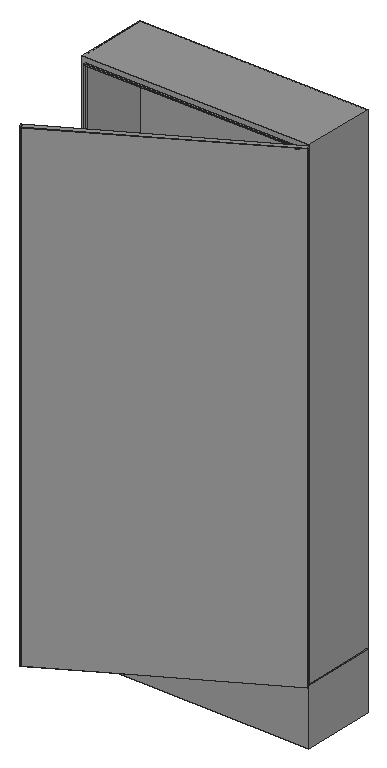
Revit family "Hager-Univers-IP55-D275-H1900-Cl.II-Steel_encl-NoHosted-SE-en", category Equipement électrique, Revit 2020
Family settings
  Configuration du panneau = Deux colonnes, circuits au sein
  Cote de connecteur circulaire = Utiliser le diamètre
  Type d'élément = Tableau de raccordement
  Basée sur le plan de construction = Oui
  Toujours verticalement = Oui
  Couper avec des vides une fois chargée = Non
  Partagée = Non
  Point de calcul de pièce = Non
Parameters (values of type "Floor installation IP55 W800 H1900 D275  - FR13S2")
  Width Control [instance] = if([EF000008 - Width] > Min Width, [EF000008 - Width], Min Width)  # 800 mm
  Commentaires du type = [HG000003 - Range]  # "Univers"
  Thickness Door [instance] = if([EF009171 - Material plate thickness door/cover] > 3 mm, 3 mm, [EF009171 - Material plate thickness door/cover])  # 1.5 mm
  Seal Frame Offset [instance] = 17 mm  # constant formula
  Plinth Visibility [instance] = [HG000027 - Plinth height] > 0 mm  # yes
  Min Width [instance] = 100 mm  # constant formula
  Min Depth [instance] = (2 * [EF009170 - Material plate thickness cabinet]) + 1 mm  # 4 mm
  Min Height [instance] = 100 mm  # constant formula
  Internal Frame Depth [instance] = (Door System Depth * 0.5)  # 9 mm
  Panel Name [instance] = ""  # (empty or 0)
  Model = ""
  HG000027 - Plinth height = 200 mm
  HG000026 - Floor standing = yes
  HG000024 - Bottom section height = 600 mm
  HG000023 - Double section enclosure = no
  HG000016 - Door 3d visibility [instance] = yes
  HG000015 - Clearance visibility [instance] = no
  HG000014 - Door on the right [instance] = yes
  HG000013 - Door on the left [instance] = not([HG000014 - Door on the right])  # no
  HG000012 - Door swing angle [instance] = 30.00°
  HG000010 - Asymmetric doors = no
  HG000009 - Double swing door = no
  HG000006 - Flush mounted = no
  HG000004 - Manufacturer reference = "FR13S2"
  HG000003 - Range = "Univers"
  HG000002 - With door or cover = yes
  Frame Offset Bottom [instance] = 10 mm  # constant formula
  Frame Offset [instance] = 15 mm  # constant formula
  EF015940 - Cover with overpressure release = no
  EF011959 - Degree of protection (NEMA) = ""
  EF009554 - Number of openings for flange plates = 6
  EF009212 - Cover model = "EV000116 - Closed"
  EF009171 - Material plate thickness door/cover = 1.5 mm
  EF009170 - Material plate thickness cabinet = 1.5 mm
  EF008873 - Nominal current (In) = 800 A
  EF007800 - Suitable for lightning protection = no
  EF006306 - With lock = no
  EF006244 - Transparent cover/door = no
  EF005474 - Degree of protection (IP) = "EV006420 - IP55"
  EF004464 - Type of door = "EV002646 - Single"
  EF004427 - Number of modules = 396
  EF004293 - Impact strength = "EV008784 - IK10"
  EF003532 - Suitable for outdoor use = no
  EF002950 - Width in number of modular spacings = 24
  EF001613 - Circuit integrity = "EV000494 - None"
  EF001596 - Material housing = "EV000179 - Steel"
  EF001131 - Internal depth = 275 mm
  EF001088 - Extension possible = yes
  EF000437 - Number of conduit inlets = 6
  EF000339 - Type of cover = "EV004216 - Door"
  EF000266 - Number of rows = 11
  EF000218 - Built-in depth = 0 mm
  EF000118 - With mounting plate = no
  EF000116 - RAL-number = "7035"
  EF000049 - Depth = 275 mm
  EF000040 - Height = 1900 mm
  EF000008 - Width = 800 mm
  EF000007 - Colour = "EV000270 - Grey"
  EF000003 - Mounting method = "EV012274 - Floor installation"
  Door System Leaf Tolerance [instance] = 1.5 mm  # constant formula
  Door System Depth [instance] = 18 mm  # constant formula
  Door Height [instance] = Height Control - [HG000027 - Plinth height]  # 1700 mm
  Description = ""
  Default Elevation = 1219.2 mm
  Connector Offset [instance] = Height Control / 2  # 950 mm
  Fabricant = "Hager"  # constant formula
  Height Control [instance] = if([EF000040 - Height] > Min Height, [EF000040 - Height], Min Height)  # 1900 mm
  Depth Control [instance] = if([EF000049 - Depth] > Min Depth, [EF000049 - Depth], Min Depth)  # 275 mm
  Bottom Top Plate Trim [instance] = 1.5 mm  # constant formula
  Plinth height Ctrl [instance] = if([HG000027 - Plinth height] > 0 mm, [HG000027 - Plinth height], 12 mm)  # 200 mm
Types (5, lengths in mm): name | Width Control | HG000010 - Asymmetric doors | HG000009 - Double swing door | HG000004 - Manufacturer reference | EF009554 - Number of openings for flange plates | EF004464 - Type of door | EF004427 - Number of modules | EF000437 - Number of conduit inlets | EF000008 - Width
  Floor installation IP55 W1050 H1900 D275  - FR14S2 | 1050 | yes | yes | "FR14S2" | 8 | "EV003602 - Double" | 528 | 8 | 1050
  Floor installation IP55 W1300 H1900 D275  - FR15S2 | 1300 | yes | yes | "FR15S2" | 10 | "EV003602 - Double" | 660 | 10 | 1300
  Floor installation IP55 W300 H1900 D275  - FR11S2 | 300 | no | no | "FR11S2" | 2 | "EV002646 - Single" | 132 | 2 | 300
  Floor installation IP55 W550 H1900 D275  - FR12S2 | 550 | no | no | "FR12S2" | 4 | "EV002646 - Single" | 264 | 4 | 550
  Floor installation IP55 W800 H1900 D275  - FR13S2 | 800 | no | no | "FR13S2" | 6 | "EV002646 - Single" | 396 | 6 | 800
Reference planes
  plane 1 "Center (Front/Back)": y = 0
  plane 2: z = 0
  plane 3 "Center (Left/Right)": x = 0
  plane 4: y = 0
  plane 5: y = 0
  plane 6: z = 0
  plane 7: x = -400
  plane 8: x = 400
  plane 9: x = 398.5
  plane 10: x = -398.5
  plane 11: z = 200
  plane 12: z = 201.5
  plane 13: y = -275
  plane 14: y = -1.5
  plane 15: x = 0
  plane 16: y = -257
  plane 17: y = -273.5
  plane 18: y = -255.5
  plane 19: x = -383.5
  plane 20: x = 383.5
  plane 21: z = 211.5
  plane 22: x = -383
  plane 23: x = 383
  plane 24: z = 200
  plane 25: z = 1900
  plane 26: z = 1900
  plane 27: z = 1883.5
  plane 28: z = 1898.5
Forms (mm)
  Extrusion 1, solid, material "Hager_Steel_RAL7035_Light_Grey", detail levels medium+fine
    sketch origin (-208.679, -4572, 200) x (-1, 0, 0) y (0, -1, 0)
      loop
        line (191.321, -4315) -> (-608.679, -4315) -> (-608.679, -4572) -> (191.321, -4572) -> (191.321, -4315)
    from 0 to 1700
  Extrusion 2, void
    sketch origin (-350.771, -275, 1219.2) x (1, 0, 0) y (0, 0, 1)
      loop
        line (-47.729, 679.3) -> (-47.729, -1017.7) -> (749.271, -1017.7) -> (749.271, 679.3) -> (-47.729, 679.3)
    from -19.5 to -273.5
  Extrusion 3, void
    sketch origin (-290.084, -257, 1219.2) x (1, 0, 0) y (0, 0, 1)
      loop
        line (-93.416, -1007.7) -> (673.584, -1007.7) -> (673.584, 664.3) -> (-93.416, 664.3) -> (-93.416, -1007.7)
    from 0 to -1.5
  Extrusion 4, solid, material "Hager_Steel_RAL7035_Light_Grey", visible <- "Plinth Visibility", detail levels medium+fine
    sketch origin (0, 0, 0) x (1, 0, 0) y (0, 1, 0)
      loop
        line (-400, 0) -> (-400, -257) -> (400, -257) -> (400, 0) -> (-400, 0)
    from 0 to 200 <- "Plinth height Ctrl"
  Extrusion 5, solid, material "Hager_Steel_RAL7035_Light_Grey", detail levels coarse
    sketch origin (0, 0, 0) x (1, 0, 0) y (0, 1, 0)
      loop
        line (-400, 0) -> (-400, -275) -> (400, -275) -> (400, 0) -> (-400, 0)
    from 0 to 1900 <- "Height Control"
  Sweep 6, void
    path in 3D
      loop
        line (-400, -257, 200) -> (400, -257, 200) -> (400, 0, 200) -> (-400, 0, 200) -> (-400, -257, 200)
    profile origin (-400, -128.5, 200) x (1, 0, 0) y (0, 0, 1)
      loop
        line (0, 0) -> (0, -1.5) -> (1.5, -1.5)
        arc (1.5, -1.5) -> (1.061, -0.439) -> (0, 0) r 1.5
  Extrusion 7, solid, material "Hager_Steel_RAL7035_Light_Grey", detail levels fine
    sketch origin (-400, -257, 200) x (1, 0, 0) y (0, 0, 1)
      loop
        line (16.5, 11.5) -> (783.5, 11.5) -> (783.5, 1683.5) -> (16.5, 1683.5) -> (16.5, 11.5)
      loop
        line (15, 10) -> (785, 10) -> (785, 1685) -> (15, 1685) -> (15, 10)
    from 0 to 9 <- "Internal Frame Depth"
Cuts and joins
  Extrusion 2, Extrusion 3 cuts Extrusion 1
  Sweep 6 cuts Extrusion 4
Lines and regions (mm)
  Masking region 1
    outline origin (0, 0, 0) x (1, 0, 0) y (0, 1, 0)
      loop
        line (-400, 0) -> (-400, -275) -> (400, -275) -> (400, 0) -> (-400, 0)
  Masking region 2, detail levels coarse
    outline origin (-290.084, -257, 1219.2) x (-1, 0, 0) y (0, 0, 1)
      loop
        line (-690.084, -1219.2) -> (109.916, -1219.2) -> (109.916, 680.8) -> (-690.084, 680.8) -> (-690.084, -1219.2)
  Masking region 3, detail levels coarse
    outline origin (0, 0, 0) x (0, 1, 0) y (0, 0, 1)
      loop
        line (0, 0) -> (0, 1900) -> (-275, 1900) -> (-275, 0) -> (0, 0)
  Masking region 4, visible <- "Plinth Visibility", detail levels medium+fine
    outline origin (0, 0, 0) x (0, 1, 0) y (0, 0, 1)
      loop
        line (-1.5, 200) -> (-255.5, 200)
        arc (-255.5, 200) -> (-255.939, 198.939) -> (-257, 198.5) r 1.5
        line (-257, 198.5) -> (-257, 0) -> (0, 0) -> (0, 198.5)
        arc (0, 198.5) -> (-1.061, 198.939) -> (-1.5, 200) r 1.5
  Masking region 5, detail levels medium+fine
    outline origin (0, 0, 594.038) x (0, 1, 0) y (0, 0, 1)
      loop
        line (0, -394.038) -> (0, 1305.962) -> (-257, 1305.962) -> (-257, -394.038) -> (0, -394.038)
  Masking region 6, detail levels medium+fine
    outline origin (-359.7, -257, 1211.883) x (-1, 0, 0) y (0, 0, 1)
      loop
        line (-759.7, -1011.883) -> (40.3, -1011.883) -> (40.3, 688.117) -> (-759.7, 688.117) -> (-759.7, -1011.883)
  Masking region 7, visible <- "Plinth Visibility", detail levels medium+fine
    outline origin (-320.334, -257, 1041.368) x (-1, 0, 0) y (0, 0, 1)
      loop
        line (-720.334, -1041.368) -> (79.666, -1041.368) -> (79.666, -842.868)
        arc (79.666, -842.868) -> (78.606, -842.429) -> (78.166, -841.368) r 1.5
        line (78.166, -841.368) -> (-718.834, -841.368)
        arc (-718.834, -841.368) -> (-719.273, -842.429) -> (-720.334, -842.868) r 1.5
        line (-720.334, -842.868) -> (-720.334, -1041.368)
  sketch lines
    curve 1: line (-400, 0, 200) -> (-400, -257, 200)
    curve 2: line (-400, -257, 200) -> (400, -257, 200)
    curve 3: line (400, 0, 200) -> (-400, 0, 200)
    curve 4: line (400, -257, 200) -> (400, 0, 200)
Dimensions and locks
  locked: plane 1 "Center (Front/Back)" to plane 5
  "EF009170 - Material plate thickness cabinet": plane 7 to plane 10
  "EF009170 - Material plate thickness cabinet": plane 8 to plane 9
  equal spacing: plane 7, plane 3 "Center (Left/Right)", plane 8
  "Width Control": plane 7 to plane 8
  "Depth Control": plane 4 to plane 13
  "EF009170 - Material plate thickness cabinet": plane 4 to plane 14
  "Height Control": plane 25 to level
  "HG000027 - Plinth height": plane 11 to level
  "EF009170 - Material plate thickness cabinet": plane 12 to plane 11
  "EF009170 - Material plate thickness cabinet": plane 17 to plane 13
  "EF009170 - Material plate thickness cabinet": plane 18 to plane 16
  "Frame Offset Bottom": plane 21 to plane 12
  "Frame Offset": plane 10 to plane 19
  "Frame Offset": plane 9 to plane 20
  "Door System Depth": plane 16 to plane 13
  "Seal Frame Offset": plane 7 to plane 22
  "Seal Frame Offset": plane 8 to plane 23
  "EF009170 - Material plate thickness cabinet": plane 26 to plane 28
  "Frame Offset": plane 28 to plane 27
  "Connector Offset": plane 2 to connector elem
  "Bottom Top Plate Trim": profile plane to Sweep 6 sketch curve
  "Bottom Top Plate Trim": Sweep 6 sketch curve to Sweep 6 sketch curve
  "Plinth height Ctrl": Masking region 4 sketch curve to level
  "Plinth height Ctrl": Masking region 7 sketch curve to level
  "Thickness Door": Extrusion 7 sketch curve to Extrusion 7 sketch curve  (x4)
  "Bottom Top Plate Trim": radius of Sweep 6 sketch curve
  "Bottom Top Plate Trim": radius of Masking region 4 sketch curve  (x2)
  "Bottom Top Plate Trim": radius of Masking region 7 sketch curve  (x2)
  aligned and locked: Extrusion 2 sketch curve to plane 12
  aligned and locked: Extrusion 2 sketch curve to plane 9
  aligned and locked: Extrusion 2 sketch curve to plane 10
  aligned and locked: Extrusion 2 to plane 14
  aligned and locked: Extrusion 1 sketch curve to plane 4
  aligned and locked: plane 8 to Extrusion 1 sketch curve
  aligned and locked: plane 7 to Extrusion 1 sketch curve
  aligned and locked: Extrusion 2 to plane 18
  aligned and locked: Extrusion 3 sketch curve to plane 19
  aligned and locked: plane 20 to Extrusion 3 sketch curve
  aligned and locked: Extrusion 3 to Extrusion 2
  aligned and locked: Extrusion 3 sketch curve to plane 21
  aligned and locked: plane 3 "Center (Left/Right)" to nested 1
  aligned and locked: Extrusion 1 sketch curve to plane 16
  aligned and locked: Extrusion 4 sketch curve to cut or joined group of Extrusion 1, Extrusion 2, Extrusion 3
  aligned and locked: Masking region 1 sketch curve to plane 7
  aligned and locked: Masking region 1 sketch curve to plane 5
  aligned and locked: Masking region 1 sketch curve to plane 8
  aligned and locked: Masking region 2 sketch curve to level
  aligned and locked: level to Masking region 3 sketch curve
  aligned and locked: plane 1 "Center (Front/Back)" to Masking region 3 sketch curve
  aligned and locked: plane 13 to Masking region 3 sketch curve
  aligned and locked: plane 5 to Masking region 4 sketch curve
  aligned and locked: Masking region 2 sketch curve to plane 8
  aligned and locked: Masking region 2 sketch curve to plane 7
  aligned and locked: plane 7 to nested 2
  aligned and locked: nested 2 to plane 5
  aligned and locked: plane 5 to Masking region 5 sketch curve
  aligned and locked: plane 26 to Masking region 5 sketch curve
  aligned and locked: Extrusion 5 sketch curve to plane 8
  aligned and locked: Extrusion 5 sketch curve to plane 7
  aligned and locked: Extrusion 5 sketch curve to plane 5
  aligned and locked: Extrusion 3 sketch curve to plane 27
  aligned and locked: Extrusion 2 sketch curve to plane 28
  aligned and locked: Masking region 2 to plane 25
  aligned and locked: Extrusion 4 to plane 16
  aligned and locked: profile plane to Sweep 6 sketch curve
  aligned and locked: Masking region 5 sketch curve to plane 24
  aligned and locked: level to Masking region 4 sketch curve
  aligned and locked: Masking region 1 to plane 13
  aligned and locked: nested 1 to plane 16
  aligned and locked: Masking region 3 to plane 25
  aligned and locked: plane 16 to Masking region 4 sketch curve
  aligned and locked: Masking region 5 sketch curve to plane 16
  aligned and locked: plane 24 to plane 11
  aligned and locked: plane 26 to plane 25
  aligned and locked: plane 26 to cut or joined group of Extrusion 1, Extrusion 2, Extrusion 3
  aligned and locked: nested 1 to plane 24
  aligned and locked: Extrusion 1 to Extrusion 3
  aligned and locked: Masking region 6 sketch curve to plane 8
  aligned and locked: Masking region 6 sketch curve to plane 24
  aligned and locked: Masking region 6 sketch curve to plane 7
  aligned and locked: Masking region 6 sketch curve to plane 26
  aligned and locked: Masking region 7 sketch curve to plane 7
  aligned and locked: level to Masking region 7 sketch curve
  aligned and locked: Masking region 7 sketch curve to plane 8
  aligned and locked: Extrusion 7 sketch curve to cut or joined group of Extrusion 1, Extrusion 2, Extrusion 3  (x4)
Automatic sketch dimensions
  plane 19 to Extrusion 3 sketch curve = 0 mm
  Extrusion 3 sketch curve to plane 20 = 0 mm
  Extrusion 3 sketch curve to plane 21 = 0 mm
  Extrusion 4 sketch curve to plane 7 = 0 mm
  Extrusion 4 sketch curve to plane 8 = 0 mm
  Extrusion 4 sketch curve to plane 16 = 0 mm
  Masking region 1 sketch curve to plane 13 = 0 mm
  Masking region 2 sketch curve to plane 25 = 0 mm
  Masking region 3 sketch curve to plane 25 = 0 mm
  Extrusion 5 sketch curve to plane 13 = 0 mm
  profile plane to Sweep 6 sketch curve = 0 mm
Nested families
  nested 1: "EC000058_Univers_Door" at (0, -257, 200), Double <- "HG000009 - Double swing door", Transparent <- "EF006244 - Transparent cover/door", Angle <- "HG000012 - Door swing angle", Door_Right <- "HG000014 - Door on the right", Assymetrical <- "HG000010 - Asymmetric doors", Door <- "HG000002 - With door or cover", Width_Ctrl <- "Width Control", 3d_Door <- "HG000016 - Door 3d visibility", Clearance <- "HG000015 - Clearance visibility", Door_Left <- "HG000013 - Door on the left", Width <- "Width Control", Door_Depth <- "Door System Depth", Leaf_Tolerance <- "Door System Leaf Tolerance", Height <- "Door Height", Lock_Visibility <- "EF006306 - With lock", Thickness <- "Thickness Door", type "EC000058_Univers_Door", detail levels medium+fine
    with min_wh 4 mm, Width_Ctrl 800 mm, Width 800 mm, Transparent no, Thickness 1.5 mm, Seal_Material Hager_Rubber, Lock_Visibility no, Lock_Material Hager_Plastic_RAL9005_Jet_Black, Leaf_Width 800 mm, Leaf_Tolerance_External_Sides 0 mm, Leaf_Tolerance 1.5 mm, Leaf_Offset 0 mm, Leaf_Height 1697 mm, Leaf_2_Width 800 mm, Leaf_2_Offset 400 mm, Leaf_1_Width 800 mm, Leaf_1_Offset 400 mm, Height_Ctrl 1700 mm, Height 1700 mm, Glass_Material Hager_Glass, Double_Clearance_Ctrl no, Double no, Door_Right_Ctrl yes, Door_Right yes, Door_Material Hager_Steel_RAL7035_Light_Grey, Door_Left_Ctrl no, Door_Left no, Door_Depth 18 mm, Door yes, Clearance_Material Hager_Clearance, Clearance_Depth 800 mm, Clearance_Ctrl no, Clearance no, Assymetrical no, Angle 30.00°, 3d_Door yes
  nested 2: "Hager_Enclosure_Symbol" at (-400, 0, 0), Height <- "Depth Control", Width <- "Width Control", type "Hager_Enclosure_Symbol"
    with Width_Ctrl 800 mm, Width 800 mm, Height_Ctrl 275 mm, Height 275 mm, A_Width_Int 18.047 mm, A_Width 216.562 mm, A_Height_Ctrl 240.625 mm, A_Height 240.625 mm
Connectors
  electrical at (0, 0, 950)
    settings: on plane 1 "Center (Front/Back)", index 1, voltage 0 V, apparent load 0 VA, apparent load phase1 0 VA, apparent load phase2 0 VA, apparent load phase3 0 VA, power factor 1, load classification "Other", number of poles 1, system type 30, power factor state 1, is connector primary yes, connector utility no, sub classification motor no, connector description ""
Definition of nested family "EC000058_Univers_Door"
  Parameters (values of type "EC000058_Univers_Door")
    min_wh [instance] = (2 * Thickness) + 1 mm  # 11 mm
    Width_Ctrl [instance] = 400 mm
    Width [instance] = 500 mm
    Transparent [instance] = yes
    Thickness [instance] = 5 mm
    Seal_Material [instance] = none
    Lock_Visibility [instance] = yes
    Lock_Material [instance] = none
    Leaf_Width [instance] = if((Width_Ctrl - 2 * Leaf_Tolerance_External_Sides) > 0 mm, (Width_Ctrl - 2 * Leaf_Tolerance_External_Sides), min_wh)  # 400 mm
    Leaf_Tolerance_External_Sides [instance] = 0 mm  # constant formula
    Leaf_Tolerance [instance] = 1.5 mm
    Leaf_Offset [instance] = 0 mm  # constant formula
    Leaf_Height [instance] = if((Height_Ctrl - 2 * Leaf_Tolerance) > 0 mm, (Height_Ctrl - 2 * Leaf_Tolerance), min_wh)  # 497 mm
    Leaf_2_Width [instance] = if(and(and(Double, Assymetrical), Door_Left), (Leaf_Width / 3) - (Leaf_Tolerance / 2), if(and(and(Double, Assymetrical), Door_Right), (Leaf_Width / 3) * 2 - (Leaf_Tolerance / 2), if(and(Double, not(Assymetrical)), (Leaf_Width / 2) - Leaf_Tolerance, Leaf_Width)))  # 400 mm
    Leaf_2_Offset [instance] = if(and(Double, Assymetrical), Leaf_2_Width / 2, if(and(Double, not(Assymetrical)), Leaf_Width / 4, Leaf_Width / 2))  # 200 mm
    Leaf_1_Width [instance] = if(and(and(Double, Assymetrical), Door_Right), (Leaf_Width / 3) - (Leaf_Tolerance / 2), if(and(and(Double, Assymetrical), Door_Left), (Width / 3) * 2 - (Leaf_Tolerance / 2), if(and(Double, not(Assymetrical)), (Leaf_Width / 2) - Leaf_Tolerance, Leaf_Width)))  # 400 mm
    Leaf_1_Offset [instance] = if(and(Double, Assymetrical), Leaf_1_Width / 2, if(and(Double, not(Assymetrical)), Leaf_Width / 4, Leaf_Width / 2))  # 200 mm
    Height_Ctrl [instance] = if(Height > min_wh, Height, min_wh)  # 500 mm
    Height [instance] = 500 mm
    Glass_Material [instance] = none
    Double_Clearance_Ctrl [instance] = and(Double, Clearance)  # no
    Double [instance] = no
    Door_Right_Ctrl [instance] = and(or(Door_Right, Double), Door)  # yes
    Door_Right [instance] = yes
    Door_Material [instance] = none
    Door_Left_Ctrl [instance] = and(or(Door_Left, Double), Door)  # no
    Door_Left [instance] = no
    Door_Depth [instance] = 30 mm
    Door [instance] = yes
    Default Elevation = 1219.2 mm
    Clearance_Material [instance] = none
    Clearance_Depth [instance] = if(Leaf_1_Width > Leaf_2_Width, Leaf_1_Width, Leaf_2_Width)  # 400 mm
    Clearance_Ctrl [instance] = and(not(Double), Clearance)  # yes
    Clearance [instance] = yes
    Assymetrical [instance] = yes
    Angle [instance] = 30.00°
    3d_Door [instance] = yes
  Reference planes
    plane 1 "Center (Front/Back)": y = 0
    plane 2 "Bottom": z = 0
    plane 3 "Center (Left/Right)": x = 0
    plane 4: z = 500
    plane 5: x = -200
    plane 6: x = 200
    plane 7: z = 500
    plane 8: x = -200
    plane 9: z = 0
    plane 10: x = 200
    plane 11: y = 0
    plane 12: z = 1.5
    plane 13: x = -600
    plane 14: y = -400
    plane 15: x = 600
    plane 16: x = 0
    plane 17: x = 0
    plane 18: x = -200
    plane 19: x = 200
    plane 20: z = 498.5
  Forms (mm)
    Extrusion 1, solid, material <- "Clearance_Material", visible <- "Double_Clearance_Ctrl"
      sketch origin (1200, 0, 0) x (1, 0, 0) y (0, 0, -1)
        loop
          line (-1800, -498.5) -> (-600, -498.5) -> (-600, 0) -> (-1800, 0) -> (-1800, -498.5)
      from 0 to -400
  Dimensions and locks
    equal spacing: plane 5, plane 3 "Center (Left/Right)", plane 6
    "Width_Ctrl": plane 5 to plane 6
    "Leaf_Offset": plane 5 to plane 8
    "Leaf_Offset": plane 6 to plane 10
    "Leaf_Offset": plane 9 to level
    "Leaf_Offset": plane 4 to plane 7
    "Height_Ctrl": plane 4 to level
    "Leaf_Tolerance": plane 12 to plane 9
    locked: plane 11 to plane 1 "Center (Front/Back)"
    "Leaf_1_Offset": plane 18 to plane 16
    "Leaf_2_Offset": plane 17 to plane 19
    "Leaf_1_Width": plane 13 to plane 8
    "Leaf_2_Width": plane 10 to plane 15
    "Clearance_Depth": plane 14 to plane 1 "Center (Front/Back)"
    "Leaf_Tolerance_External_Sides": plane 8 to plane 18
    "Leaf_Tolerance_External_Sides": plane 19 to plane 10
    "Leaf_Tolerance": plane 7 to plane 20
    aligned and locked: level to plane 2 "Bottom"
    aligned and locked: nested 1 to plane 16
    aligned and locked: nested 2 to plane 17
    aligned and locked: Extrusion 1 to plane 13
    aligned and locked: plane 15 to Extrusion 1
    aligned and locked: Extrusion 1 to plane 14
    aligned and locked: plane 12 to nested 1
    aligned and locked: nested 2 to plane 12
    aligned and locked: Extrusion 1 to plane 11
    aligned and locked: plane 20 to Extrusion 1
    aligned and locked: nested 2 to plane 11
    aligned and locked: nested 1 to plane 11
  Automatic sketch dimensions
    Extrusion 1 sketch curve to level = 0 mm
    plane 5 to Extrusion 1 sketch curve = 400 mm
    plane 6 to Extrusion 1 sketch curve = 400 mm
    Extrusion 1 sketch curve to plane 4 = 1.5 mm
  Nested families
    nested 1: "EC000058_Univers_Door_Leaf" at (0, 0, 1.5), Width <- "Leaf_1_Width", visible <- "Door_Left_Ctrl", Leaf_Height <- "Leaf_Height", Angle <- "Angle", 3d_Door <- "3d_Door", Transparent <- "Transparent", Clearance Material <- "Clearance_Material", Clearance <- "Clearance_Ctrl", Door_Material <- "Door_Material", Glass_Material <- "Glass_Material", Door_Depth <- "Door_Depth", Lock_Material <- "Lock_Material", Seal_Material <- "Seal_Material", Lock_Visibility <- "Lock_Visibility", Thickness <- "Thickness", type "EC000058_Univers_Door_Leaf"
      with Width 400 mm, Transparent_Glass_Offset 30 mm, Transparent_Ctrl yes, Transparent yes, Thickness 5 mm, Standard no, Seal_Material none, Seal_D2 8 mm, Seal_D1 1 mm, Offset_Internal_Frame 10 mm, Lock_Width 20 mm, Lock_Visibility_3d yes, Lock_Visibility yes, Lock_Thickness_3 3 mm, Lock_Thickness_2 1 mm, Lock_Thickness_1 3 mm, Lock_Radius_Offset_2 16 mm, Lock_Radius_Offset_1 15 mm, Lock_Radius_2 5 mm, Lock_Radius 6 mm, Lock_Offset 5 mm, Lock_Material none, Lock_Height 80 mm, Lock_Cover_Top_Offset_2d 17 mm, Lock_Cover_Height -65 mm, Leaf_Height 497 mm, Internal_Seal_Thickness 8 mm, Internal_Seal_Depth_2 4.5 mm, Internal_Frame_Depth 25 mm, Glass_Thickness -1 mm, Glass_Offset -2 mm, Glass_Material none, Door_Material none, Door_Depth 30 mm, Clearance Material none, Clearance yes, Angle_Ctrl 30.00°, Angle 30.00°, 3d_Door yes
    nested 2: "EC000058_Univers_Door_Leaf" at (0, 0, 1.5) x (-1, 0, 0) z (0, 0, 1), Width <- "Leaf_2_Width", visible <- "Door_Right_Ctrl", Leaf_Height <- "Leaf_Height", Angle <- "Angle", 3d_Door <- "3d_Door", Transparent <- "Transparent", Clearance Material <- "Clearance_Material", Clearance <- "Clearance_Ctrl", Door_Material <- "Door_Material", Glass_Material <- "Glass_Material", Door_Depth <- "Door_Depth", Lock_Material <- "Lock_Material", Seal_Material <- "Seal_Material", Lock_Visibility <- "Lock_Visibility", Thickness <- "Thickness", type "EC000058_Univers_Door_Leaf"
      with Width 400 mm, Transparent_Glass_Offset 30 mm, Transparent_Ctrl yes, Transparent yes, Thickness 5 mm, Standard no, Seal_Material none, Seal_D2 8 mm, Seal_D1 1 mm, Offset_Internal_Frame 10 mm, Lock_Width 20 mm, Lock_Visibility_3d yes, Lock_Visibility yes, Lock_Thickness_3 3 mm, Lock_Thickness_2 1 mm, Lock_Thickness_1 3 mm, Lock_Radius_Offset_2 16 mm, Lock_Radius_Offset_1 15 mm, Lock_Radius_2 5 mm, Lock_Radius 6 mm, Lock_Offset 5 mm, Lock_Material none, Lock_Height 80 mm, Lock_Cover_Top_Offset_2d 17 mm, Lock_Cover_Height -65 mm, Leaf_Height 497 mm, Internal_Seal_Thickness 8 mm, Internal_Seal_Depth_2 4.5 mm, Internal_Frame_Depth 25 mm, Glass_Thickness -1 mm, Glass_Offset -2 mm, Glass_Material none, Door_Material none, Door_Depth 30 mm, Clearance Material none, Clearance yes, Angle_Ctrl 30.00°, Angle 30.00°, 3d_Door yes
  Definition of nested family "EC000058_Univers_Door_Leaf"
    Parameters (values of type "EC000058_Univers_Door_Leaf")
      Width [instance] = 2000 mm
      Transparent_Glass_Offset [instance] = 30 mm
      Transparent_Ctrl [instance] = and(Transparent, [3d_Door])  # yes
      Transparent [instance] = yes
      Thickness [instance] = 5 mm
      Standard [instance] = and(not(Transparent), [3d_Door])  # no
      Seal_Material [instance] = none
      Seal_D2 [instance] = 8 mm  # constant formula
      Seal_D1 [instance] = 1 mm  # constant formula
      Offset_Internal_Frame [instance] = 10 mm  # constant formula
      Lock_Width [instance] = 20 mm  # constant formula
      Lock_Visibility_3d [instance] = and(Lock_Visibility, [3d_Door])  # yes
      Lock_Visibility [instance] = yes
      Lock_Thickness_3 [instance] = 3 mm  # constant formula
      Lock_Thickness_2 [instance] = 1 mm  # constant formula
      Lock_Thickness_1 [instance] = 3 mm  # constant formula
      Lock_Radius_Offset_2 [instance] = Lock_Radius_Offset_1 + 1 mm  # 16 mm
      Lock_Radius_Offset_1 [instance] = 15 mm  # constant formula
      Lock_Radius_2 [instance] = Lock_Radius - 1 mm  # 5 mm
      Lock_Radius [instance] = 6 mm  # constant formula
      Lock_Offset [instance] = 5 mm  # constant formula
      Lock_Material [instance] = none
      Lock_Height [instance] = 80 mm  # constant formula
      Lock_Cover_Top_Offset_2d [instance] = Lock_Radius_Offset_2 + 1 mm  # 17 mm
      Lock_Cover_Height [instance] = -(Lock_Height - Lock_Radius_Offset_1)  # -65 mm
      Leaf_Height [instance] = 2720.336 mm
      Internal_Seal_Thickness [instance] = 8 mm  # constant formula
      Internal_Seal_Depth_2 [instance] = 4.5 mm  # constant formula
      Internal_Frame_Depth [instance] = if(Door_Depth - Thickness > 5 mm, Door_Depth - Thickness, 5 mm)  # 25 mm
      Glass_Thickness [instance] = if(Thickness > 15 mm, Glass_Offset + 10 mm, -1 mm)  # -1 mm
      Glass_Offset [instance] = if(Thickness > 15 mm, -(Thickness + 10 mm) / 2, -2 mm)  # -2 mm
      Glass_Material [instance] = none
      Door_Material [instance] = none
      Door_Depth [instance] = 30 mm
      Default Elevation = 0 mm
      Clearance Material [instance] = none
      Clearance [instance] = yes
      Angle_Ctrl [instance] = if(Angle > 180.00°, 180.00°, Angle)  # 90.00°
      Angle [instance] = 90.00°
      3d_Door [instance] = yes
    Reference planes
      plane 1 "Center (Front/Back)": y = 0
      plane 2: z = 0
      plane 3 "Center (Left/Right)": x = 0
      plane 4: y = 2000
      plane 5: x = -1000
      plane 6: x = 1000
      plane 7: x = -3000
      plane 8: z = 2720.336
      plane 9: z = 30
      plane 10: z = 2690.336
      plane 11: x = 970
      plane 12: x = -970
      plane 13: y = -3
      plane 14: z = 107.833
      plane 15: y = -5
      plane 16: y = -223.314
      plane 17: x = -1000
      plane 18: z = 1360.168
      plane 19: y = 30
    Forms (mm)
      Extrusion 1, solid, material <- "Clearance Material", visible <- "Clearance"
        sketch origin (0, 0, 0) x (1, 0, 0) y (0, 0, 1)
          loop
            line (-3000, 2720.336) -> (-3000, 0) -> (1000, 0) -> (1000, 2720.336) -> (-3000, 2720.336)
        from 0 to -2000
      Extrusion 2, solid, material <- "Door_Material", visible <- "Standard", detail levels medium+fine
        sketch origin (-1000, 0, 0) x (0, 1, 0) y (-1, 0, 0)
          loop
            line (0, 30) -> (0, 25) -> (2000, 25) -> (2000, 30) -> (0, 30)
        from 0 to 2720.336 <- "Leaf_Height"
      Extrusion 3, solid, material <- "Door_Material", visible <- "Transparent_Ctrl", detail levels medium+fine
        sketch origin (-1000, 0, 0) x (0, 1, 0) y (-1, 0, 0)
          loop
            line (0, 25) -> (2000, 25) -> (2000, 30) -> (0, 30) -> (0, 25)
        from 0 to 2720.336 <- "Leaf_Height"
      Extrusion 4, void
        sketch origin (-1025, 2000, 0) x (0, 1, 0) y (0, 0, -1)
          loop
            line (-30, -2690.336) -> (-30, -30) -> (-1970, -30) -> (-1970, -2690.336) -> (-30, -2690.336)
        from 0 to 5 <- "Thickness"
      Sweep 5, solid, material <- "Seal_Material", visible <- "Transparent_Ctrl", detail levels fine
        path in 3D
          loop
            line (-1025, 30, 30) -> (-1025, 30, 2690.336) -> (-1025, 1970, 2690.336) -> (-1025, 1970, 30) -> (-1025, 30, 30)
        profile origin (-1025, 1000, 30) x (1, 0, 0) y (0, 0, 1)
          loop
            line (0, 0) -> (0, -8) -> (1, -8) -> (1, 0) -> (0, 0)
      Extrusion 6, solid, material <- "Glass_Material", visible <- "Transparent_Ctrl", detail levels medium+fine
        sketch origin (-1030, 0, 0) x (0, 1, 0) y (0, 0, -1)
          loop
            line (1970, -2690.336) -> (1970, -30) -> (30, -30) -> (30, -2690.336) -> (1970, -2690.336)
        from -2 <- "Glass_Offset" to -1 <- "Glass_Thickness"
      Extrusion 7, solid, material <- "Door_Material", visible <- "3d_Door", detail levels medium+fine
        sketch origin (-1025, 2000, 0) x (0, -1, 0) y (0, 0, -1)
          loop
            line (0, -2720.336) -> (2000, -2720.336) -> (2000, 0) -> (0, 0) -> (0, -2720.336)
          loop
            line (1995, -5) -> (5, -5) -> (5, -2715.336) -> (1995, -2715.336) -> (1995, -5)
        from 0 to 25 <- "Internal_Frame_Depth"
      Sweep 8, solid, material <- "Seal_Material", visible <- "Transparent_Ctrl", detail levels fine
        path in 3D
          loop
            line (-1025, 0, 0) -> (-1025, 2000, 0) -> (-1025, 2000, 2720.336) -> (-1025, 0, 2720.336) -> (-1025, 0, 0)
        profile origin (-1025, 0, 1360.168) x (1, 0, 0) y (0, 1, 0)
          loop
            line (0, 10) -> (2.975, 10)
            arc (2.975, 10) -> (4.053, 10.447) -> (4.5, 11.525) r 1.525
            line (4.5, 11.525) -> (4.5, 16.527)
            arc (4.5, 16.527) -> (4.069, 17.569) -> (3.027, 18) r 1.473
            line (3.027, 18) -> (0, 18) -> (0, 10)
      Extrusion 9, solid, material <- "Lock_Material", visible <- "Lock_Visibility_3d", detail levels fine
        sketch origin (-1030, 0, 0) x (0, 1, 0) y (0, 0, -1)
          loop
            arc (1993.5, -1400.168) -> (1994.561, -1399.729) -> (1995, -1398.668) r 1.5
            line (1995, -1398.668) -> (1995, -1320.168) -> (1975, -1320.168) -> (1975, -1398.668)
            arc (1975, -1398.668) -> (1975.439, -1399.729) -> (1976.5, -1400.168) r 1.5
            line (1976.5, -1400.168) -> (1993.5, -1400.168)
        from 3 <- "Lock_Thickness_1" to 0
      Blend 10, solid, material <- "Lock_Material", visible <- "Lock_Visibility_3d", detail levels fine
        base sketch origin (-1033, 0, 0) x (0, 1, 0) y (0, 0, -1)
          loop
            line (1975, -1320.168) -> (1975, -1398.668)
            arc (1975, -1398.668) -> (1975.439, -1399.729) -> (1976.5, -1400.168) r 1.5
            line (1976.5, -1400.168) -> (1993.5, -1400.168)
            arc (1993.5, -1400.168) -> (1994.561, -1399.729) -> (1995, -1398.668) r 1.5
            line (1995, -1398.668) -> (1995, -1320.168) -> (1975, -1320.168)
        top sketch origin (-1033, 0, 0) x (0, 1, 0) y (0, 0, -1)
          loop
            line (1976, -1320.168) -> (1976, -1398.668)
            arc (1976, -1398.668) -> (1976.146, -1399.022) -> (1976.5, -1399.168) r 0.5
            line (1976.5, -1399.168) -> (1993.5, -1399.168)
            arc (1993.5, -1399.168) -> (1993.854, -1399.022) -> (1994, -1398.668) r 0.5
            line (1994, -1398.668) -> (1994, -1320.168) -> (1976, -1320.168)
        from 0 to 1 <- "Lock_Thickness_2"
      Blend 11, solid, material <- "Lock_Material", visible <- "Lock_Visibility_3d", detail levels fine
        base sketch origin (-1034, 0, 0) x (0, 1, 0) y (0, 0, -1)
          loop
            line (1978, -1320.168) -> (1978, -1384.168)
            arc (1978, -1384.168) -> (1985, -1391.168) -> (1992, -1384.168) r 7
            line (1992, -1384.168) -> (1992, -1320.168) -> (1978, -1320.168)
        top sketch origin (-1034, 0, 0) x (0, 1, 0) y (0, 0, -1)
          loop
            line (1991, -1320.168) -> (1979, -1320.168) -> (1979, -1383.168)
            arc (1979, -1383.168) -> (1985, -1389.168) -> (1991, -1383.168) r 6
            line (1991, -1383.168) -> (1991, -1320.168)
        from 0 to 3 <- "Lock_Thickness_3"
      Extrusion 12, solid, material <- "Lock_Material", visible <- "Lock_Visibility_3d", detail levels fine
        sketch origin (-1030, 1975, 1320.168) x (1, 0, 0) y (0, -1, 0)
          loop
            line (-7, -19) -> (-7, -1) -> (0, -1) -> (0, 0) -> (-8, 0) -> (-8, -20) -> (0, -20) -> (0, -19) -> (-7, -19)
        from 0 to -65 <- "Lock_Cover_Height"
      Extrusion 13, void
        sketch origin (-1038, 1995, 1320.168) x (-1, 0, 0) y (0, 0, -1)
          loop
            line (-5, -65) -> (0, -65) -> (-5, -60) -> (-5, -65)
        from 0 to 20 <- "Lock_Width"
      Extrusion 14, void
        sketch origin (-1038, 1975, 1320.168) x (0, -1, 0) y (0, 0, -1)
          loop
            circle (-10, -15.995) r 6
          loop
            circle (-10, -15.995) r 5
        from 0 to 2
      Extrusion 15, solid, material <- "Lock_Material", visible <- "Lock_Visibility_3d", detail levels medium
        sketch origin (-1030, 0, 0) x (0, 1, 0) y (0, 0, -1)
          loop
            arc (1993.5, -1400.168) -> (1994.561, -1399.729) -> (1995, -1398.668) r 1.5
            line (1995, -1398.668) -> (1995, -1320.168) -> (1975, -1320.168) -> (1975, -1398.668)
            arc (1975, -1398.668) -> (1975.439, -1399.729) -> (1976.5, -1400.168) r 1.5
            line (1976.5, -1400.168) -> (1993.5, -1400.168)
        from 8 to 0
    Cuts and joins
      Extrusion 4 cuts Extrusion 3
      Extrusion 13, Extrusion 14 cuts Extrusion 9
      Extrusion 14 cuts Blend 11
      Extrusion 13, Extrusion 14 cuts Extrusion 12
      joined: Extrusion 9, Blend 10, Blend 11, Extrusion 12
      Extrusion 14 cuts Extrusion 15
    Lines and regions (mm)
      Masking region 1, visible <- "Lock_Visibility", detail levels fine
        outline origin (0, 0, 0) x (0, 1, 0) y (0, 0, 1)
          loop
            line (30, 1320.168) -> (33, 1320.168) -> (33, 1400.168) -> (30, 1400.168) -> (30, 1320.168)
      Masking region 2, visible <- "Lock_Visibility", detail levels fine
        outline origin (0, 3.143, 0) x (0, 1, 0) y (0, 0, 1)
          loop
            line (29.857, 1354.168) -> (30.857, 1354.168) -> (30.857, 1366.168) -> (29.857, 1366.168) -> (29.857, 1354.168)
      Masking region 3, detail levels medium+fine
        outline origin (0, 0, 0) x (0, 1, 0) y (0, 0, 1)
          loop
            line (0, 0) -> (30, 0) -> (30, 2720.336) -> (0, 2720.336) -> (0, 0)
      Masking region 4, detail levels medium+fine
        outline origin (0, 0, 0) x (1, 0, 0) y (0, 0, 1)
          loop
            line (-1000, 2720.336) -> (-1000, 0) -> (1000, 0) -> (1000, 2720.336) -> (-1000, 2720.336)
      Masking region 5, visible <- "Lock_Visibility", detail levels fine
        outline origin (-47.116, 0, 0) x (1, 0, 0) y (0, 0, 1)
          loop
            arc (1024.616, 1399.168) -> (1023.556, 1398.729) -> (1023.116, 1397.668) r 1.5
            line (1023.116, 1397.668) -> (1023.116, 1320.168) -> (1041.116, 1320.168) -> (1041.116, 1397.668)
            arc (1041.116, 1397.668) -> (1040.677, 1398.729) -> (1039.616, 1399.168) r 1.5
            line (1039.616, 1399.168) -> (1024.616, 1399.168)
      Masking region 6, visible <- "Lock_Visibility", detail levels medium+fine
        outline origin (-25, 0, 0) x (1, 0, 0) y (0, 0, 1)
          loop
            arc (1001.5, 1400.168) -> (1000.439, 1399.729) -> (1000, 1398.668) r 1.5
            line (1000, 1398.668) -> (1000, 1320.168) -> (1020, 1320.168) -> (1020, 1398.668)
            arc (1020, 1398.668) -> (1019.561, 1399.729) -> (1018.5, 1400.168) r 1.5
            line (1018.5, 1400.168) -> (1001.5, 1400.168)
      Masking region 7, visible <- "Lock_Visibility", detail levels fine
        outline origin (-73.735, 0, 0) x (1, 0, 0) y (0, 0, 1)
          loop
            line (1051.735, 1382.168) -> (1065.735, 1382.168) -> (1065.735, 1384.168)
            arc (1065.735, 1384.168) -> (1058.735, 1391.168) -> (1051.735, 1384.168) r 7
            line (1051.735, 1384.168) -> (1051.735, 1382.168)
      Masking region 8, visible <- "Lock_Visibility", detail levels fine
        outline origin (-73.735, 0, 0) x (1, 0, 0) y (0, 0, 1)
          loop
            line (1052.735, 1382.168) -> (1064.735, 1382.168) -> (1064.735, 1383.168)
            arc (1064.735, 1383.168) -> (1058.735, 1389.168) -> (1052.735, 1383.168) r 6
            line (1052.735, 1383.168) -> (1052.735, 1382.168)
      Masking region 9, visible <- "Lock_Visibility", detail levels fine
        outline origin (-25, 0, 0) x (1, 0, 0) y (0, 0, 1)
          loop
            line (1020, 1320.168) -> (1020, 1382.168) -> (1000, 1382.168) -> (1000, 1320.168) -> (1020, 1320.168)
      Masking region 10, detail levels medium+fine
        outline origin (0, 0, 0) x (1, 0, 0) y (0, 0, 1)
          loop
            circle (985, 1335.144) r 6
      Masking region 11, detail levels fine
        outline origin (0, 0, 0) x (1, 0, 0) y (0, 0, 1)
          loop
            circle (985, 1335.144) r 5
      Masking region 12, visible <- "Lock_Visibility", detail levels fine
        outline origin (0, 12.767, 0) x (0, 1, 0) y (0, 0, 1)
          loop
            line (20.233, 1320.168) -> (21.233, 1320.168) -> (21.233, 1399.168) -> (20.233, 1400.168) -> (20.233, 1320.168)
      Masking region 13, visible <- "Lock_Visibility", detail levels fine
        outline origin (0, 13.767, -10) x (0, 1, 0) y (0, 0, 1)
          loop
            line (20.233, 1330.168) -> (23.233, 1330.168) -> (23.233, 1399.168) -> (20.233, 1402.168) -> (20.233, 1330.168)
      Masking region 14, visible <- "Lock_Visibility", detail levels fine
        outline origin (0, 12.767, -10) x (0, 1, 0) y (0, 0, 1)
          loop
            line (20.233, 1330.168) -> (25.233, 1330.168) -> (25.233, 1399.305) -> (20.233, 1394.305) -> (20.233, 1330.168)
      Masking region 15, visible <- "Lock_Visibility", detail levels medium
        outline origin (0, 0, 0) x (0, 1, 0) y (0, 0, 1)
          loop
            line (30, 1320.168) -> (38, 1320.168) -> (38, 1400.168) -> (30, 1400.168) -> (30, 1320.168)
      Masking region 16, visible <- "Lock_Visibility", detail levels fine
        outline origin (-1000, 0, 0) x (0, 1, 0) y (-1, 0, 0)
          loop
            line (1975, 30) -> (1995, 30) -> (1995, 38) -> (1975, 38) -> (1975, 30)
          loop
            line (1979, 37) -> (1976, 37) -> (1976, 34) -> (1978, 34) -> (1979, 37)
          loop
            line (1994, 37) -> (1991, 37) -> (1992, 34) -> (1994, 34) -> (1994, 37)
      Masking region 17, visible <- "Lock_Visibility", detail levels medium
        outline origin (-1000, 0, 0) x (0, 1, 0) y (-1, 0, 0)
          loop
            line (1975, 30) -> (1995, 30) -> (1995, 38) -> (1975, 38) -> (1975, 30)
      symbolic lines
        curve 1: line (1000, 0, 0) -> (-3000, 0, 0)
        curve 2: arc (1000, 0, 0) -> (-1000, 2000, 0) -> (-3000, 0, 0) r 2000
        curve 4: line (-1030, 0, 0) -> (-1030, 2000, 0)
      reference lines
        curve 3: line (-1000, 0, 0) -> (-1000, 2000, 0)
      symbolic lines, detail levels medium+fine
        curve 5: line (-1030, 2000, 0) -> (-1025, 2000, 0)
        curve 7: line (-1025, 0, 0) -> (-1030, 0, 0)
        curve 8: line (-1025, 0, 0) -> (-1000, 0, 0)
        curve 9: line (-1000, 0, 0) -> (-1000, 2000, 0)
        curve 10: line (-1000, 2000, 0) -> (-1025, 2000, 0)
      symbolic lines, detail levels fine
        curve 6: line (-1025, 2000, 0) -> (-1025, 0, 0)
      sketch lines
        curve 11: line (-1025, 0, 2720.336) -> (-1025, 0, 0)
        curve 12: line (-1025, 2000, 0) -> (-1025, 0, 0)
        curve 13: line (-1025, 2000, 2720.336) -> (-1025, 2000, 0)
        curve 14: line (-1025, 0, 2720.336) -> (-1025, 2000, 2720.336)
        curve 15: line (-1025, 1970, 30) -> (-1025, 30, 30)
        curve 16: line (-1025, 30, 30) -> (-1025, 30, 2690.336)
        curve 17: line (-1025, 1970, 2690.336) -> (-1025, 1970, 30)
        curve 18: line (-1025, 30, 2690.336) -> (-1025, 1970, 2690.336)
      symbolic lines, visible <- "Transparent", detail levels medium+fine
        curve 19: line (-970, 0, 2690.336) -> (970, 0, 2690.336)
        curve 20: line (-970, 0, 30) -> (-970, 0, 2690.336)
        curve 21: line (970, 0, 30) -> (-970, 0, 30)
        curve 22: line (970, 0, 2690.336) -> (970, 0, 30)
    Dimensions and locks
      "Width": plane 1 "Center (Front/Back)" to plane 4
      equal spacing: plane 5, plane 3 "Center (Left/Right)", plane 6
      "Width": plane 5 to plane 6
      "Width": plane 7 to plane 5
      "Leaf_Height": plane 8 to level
      "Width": curve 5 to curve 3
      "Width": curve 3 to curve 3
      plane 8 to plane 10 = 30 mm
      plane 9 to level = 30 mm
      plane 12 to plane 5 = 30 mm
      plane 6 to plane 11 = 30 mm
      Extrusion 1 to Extrusion 4 sketch curve = 30 mm
      "Transparent_Glass_Offset": curve 3 to Extrusion 4 sketch curve
      "Transparent_Glass_Offset": Extrusion 4 sketch curve to cut or joined group of Extrusion 3, Extrusion 4  (x2)
      cut or joined group of Extrusion 3, Extrusion 4 to Extrusion 6 sketch curve = 30 mm
      "Transparent_Glass_Offset": cut or joined group of Extrusion 3, Extrusion 4 to Extrusion 4 sketch curve
      "Thickness": curve 6 to curve 4
      "Thickness": Extrusion 7 sketch curve to Extrusion 7 sketch curve  (x4)
      "Door_Depth": curve 4 to curve 3
      "Offset_Internal_Frame": profile plane to Sweep 8 sketch curve
      "Internal_Seal_Thickness": Sweep 8 sketch curve to Sweep 8 sketch curve
      "Internal_Seal_Depth_2": profile plane to Sweep 8 sketch curve
      "Seal_D1": profile plane to Sweep 5 sketch curve
      "Seal_D2": profile plane to Sweep 5 sketch curve
      "Thickness": Extrusion 2 sketch curve to Extrusion 2 sketch curve
      equal spacing: Extrusion 9 sketch curve, plane 18, Extrusion 9 sketch curve  (x2)
      equal spacing: Masking region 1 sketch curve, plane 18, Masking region 1 sketch curve
      "Lock_Height": Masking region 1 sketch curve to Masking region 1 sketch curve
      "Lock_Radius": Masking region 2 sketch curve to plane 18 to Masking region 2 sketch curve
      Masking region 2 sketch curve to Masking region 1 = 1 mm
      "Door_Depth": plane 19 to plane 1 "Center (Front/Back)"
      "Lock_Thickness_1": Masking region 1 sketch curve to plane 19
      "Lock_Width": Extrusion 9 sketch curve to Extrusion 9 sketch curve
      "Lock_Height": Extrusion 9 sketch curve to Extrusion 9 sketch curve
      "Lock_Offset": cut or joined group of Extrusion 3, Extrusion 4 to Extrusion 9 sketch curve
      equal spacing: plane 8, plane 18, level
      "Lock_Radius_Offset_1": Blend 11 sketch curve to Blend 10
      locked: Blend 10 to Blend 11 sketch curve at 2  (x2)
      locked: var sketch to Blend 11 sketch curve at 1  (x2)
      "Lock_Radius_Offset_2": Blend 11 sketch curve to Blend 10
      locked: Extrusion 12 sketch curve to Extrusion 12 sketch curve at 1  (x3)
      Masking region 6 sketch curve to Masking region 6 sketch curve = 80 mm
      "Lock_Height": Masking region 6 sketch curve to Masking region 6 sketch curve
      "Lock_Width": Masking region 6 sketch curve to Masking region 6 sketch curve
      locked: Masking region 6 to Masking region 5 sketch curve at 1  (x3)
      locked: Masking region 5 to Masking region 7 sketch curve at 2  (x2)
      "Lock_Radius_Offset_1": Masking region 5 to Masking region 7 sketch curve
      "Lock_Radius_Offset_2": Masking region 5 to Masking region 8 sketch curve
      locked: Masking region 7 to Masking region 8 sketch curve at 1  (x2)
      "Lock_Cover_Top_Offset_2d": Masking region 5 to Masking region 9 sketch curve
      equal spacing: Masking region 9, Masking region 10 sketch curve, Masking region 9
      equal spacing: Masking region 9, Masking region 11 sketch curve, Masking region 9
      Extrusion 15 sketch curve to Extrusion 15 sketch curve = 80 mm
      "Lock_Width": Extrusion 15 sketch curve to Extrusion 15 sketch curve
      "Lock_Height": Extrusion 15 sketch curve to Extrusion 15 sketch curve
      equal spacing: Extrusion 15 sketch curve, plane 18, Extrusion 15 sketch curve
      "Lock_Thickness_3": Masking region 13 sketch curve to Masking region 13 sketch curve
      "Lock_Height": Masking region 12 sketch curve to Masking region 12 sketch curve
      locked: Masking region 13 sketch curve to Masking region 1 at 8
      locked: Masking region 14 sketch curve to Masking region 13 at 1
      locked: Masking region 14 sketch curve to Masking region 1 at 10.863
      "Lock_Height": Masking region 15 sketch curve to Masking region 15 sketch curve
      "Lock_Offset": Extrusion 15 sketch curve to cut or joined group of Extrusion 3, Extrusion 4
      "Lock_Offset": plane 6 to Masking region 6 sketch curve
      radius of Sweep 8 sketch curve = 1.525 mm
      radius of Sweep 8 sketch curve = 1.473 mm
      radius of Extrusion 9 sketch curve = 1.5 mm  (x2)
      "Lock_Radius": radius of Extrusion 14 sketch curve
      "Lock_Radius_2": radius of Extrusion 14 sketch curve
      "Lock_Radius": radius of Masking region 10 sketch curve
      "Lock_Radius_2": radius of Masking region 11 sketch curve
      radius of Extrusion 15 sketch curve = 1.5 mm  (x2)
      "Angle_Ctrl": angle plane 1 "Center (Front/Back)" to curve 3
      locked: Masking region 12 sketch curve to Masking region 12 sketch curve (angle 45.00°)
      locked: Masking region 13 sketch curve to Masking region 13 sketch curve (angle 45.00°)
      locked: Masking region 14 sketch curve to Masking region 14 sketch curve (angle 45.00°)
      aligned and locked: level to plane 2
      aligned and locked: Extrusion 1 to curve 1
      aligned and locked: plane 6 to Extrusion 1
      aligned and locked: Extrusion 1 to plane 1 "Center (Front/Back)"
      aligned and locked: plane 4 to Extrusion 1
      aligned and locked: plane 8 to Extrusion 1
      aligned and locked: curve 7 to Extrusion 2 sketch curve
      aligned and locked: curve 5 to Extrusion 2 sketch curve
      aligned and locked: curve 7 to Extrusion 3 sketch curve
      aligned and locked: Extrusion 3 sketch curve to curve 4
      aligned and locked: Extrusion 3 sketch curve to curve 6
      aligned and locked: Extrusion 3 sketch curve to curve 5
      aligned and locked: curve 9 to curve 3
      aligned and locked: Extrusion 7 sketch curve to cut or joined group of Extrusion 3, Extrusion 4  (x4)
      aligned and locked: plane 17 to curve 3
      aligned and locked: plane 1 "Center (Front/Back)" to curve 3
      aligned and locked: plane 17 to plane 5
      aligned and locked: Sweep 8 sketch curve to profile plane
      aligned and locked: Sweep 5 sketch curve to profile plane  (x2)
      aligned and locked: Masking region 1 to Masking region 2 sketch curve
      aligned and locked: plane 19 to Masking region 1 sketch curve
      aligned and locked: plane 1 "Center (Front/Back)" to Masking region 3 sketch curve
      aligned and locked: plane 19 to Masking region 3 sketch curve
      aligned and locked: level to Masking region 3 sketch curve
      aligned and locked: Masking region 3 sketch curve to plane 8
      aligned and locked: plane 17 to Masking region 4 sketch curve
      aligned and locked: level to Masking region 4 sketch curve
      aligned and locked: Masking region 4 sketch curve to plane 8
      aligned and locked: plane 12 to curve 20
      aligned and locked: plane 10 to curve 19
      aligned and locked: plane 11 to curve 22
      aligned and locked: curve 21 to plane 9
      aligned and locked: Extrusion 2 sketch curve to cut or joined group of Extrusion 3, Extrusion 4
      aligned and locked: Blend 10 sketch curve to Extrusion 9  (x4)
      aligned and locked: Extrusion 9 to Blend 10 sketch curve
      aligned and locked: Blend 10 to Blend 11 sketch curve
      aligned and locked: Extrusion 12 sketch curve to Blend 11
      aligned and locked: Extrusion 12 sketch curve to Extrusion 9  (x4)
      aligned and locked: Masking region 5 sketch curve to Masking region 6
      aligned and locked: Masking region 9 sketch curve to Masking region 6  (x3)
      aligned and locked: Masking region 12 sketch curve to Masking region 1
      aligned and locked: Masking region 13 sketch curve to Masking region 1
      aligned and locked: Masking region 12 to Masking region 14
      aligned and locked: Masking region 14 sketch curve to Masking region 1
      aligned and locked: Masking region 15 sketch curve to Masking region 14
      aligned and locked: Masking region 13 sketch curve to Masking region 12
      aligned and locked: Masking region 16 sketch curve to cut or joined group of Extrusion 14, Extrusion 15  (x4)
      aligned and locked: Masking region 16 sketch curve to cut or joined group of Extrusion 9, Blend 10, Blend 11, Extrusion 12, Extrusion 13, Extrusion 14  (x6)
      aligned and locked: cut or joined group of Extrusion 9, Blend 10, Blend 11, Extrusion 12, Extrusion 13, Extrusion 14 to Masking region 16 sketch curve
      aligned and locked: Masking region 17 sketch curve to cut or joined group of Extrusion 14, Extrusion 15  (x3)
      aligned and locked: Masking region 17 sketch curve to cut or joined group of Extrusion 9, Blend 10, Blend 11, Extrusion 12, Extrusion 13, Extrusion 14
      aligned and locked: Masking region 9 to Masking region 8 sketch curve
      aligned and locked: Masking region 9 to Masking region 7 sketch curve
    Automatic sketch dimensions
      plane 1 "Center (Front/Back)" to curve 2 = 0 mm
      curve 2 to plane 5 = 0 mm
      Extrusion 1 sketch curve to level = 0 mm
      Extrusion 1 sketch curve to plane 7 = 0 mm
      Extrusion 1 sketch curve to plane 6 = 0 mm
      Extrusion 1 sketch curve to plane 8 = 0 mm
      Extrusion 3 to Extrusion 6 sketch curve = 30 mm  (x4)
      Masking region 4 sketch curve to plane 6 = 0 mm
      Blend 10 sketch curve to Extrusion 9 = 1.5 mm
      Blend 10 sketch curve to Extrusion 9 = 1 mm
      Extrusion 13 sketch curve to Extrusion 12 = 0 mm  (x2)
      Extrusion 12 to Extrusion 13 sketch curve = 3 mm
      Extrusion 13 sketch curve to Extrusion 12 = 5 mm
      Extrusion 14 sketch curve to Extrusion 14 sketch curve = 0 mm  (x2)
      Extrusion 14 sketch curve to Extrusion 12 = 10 mm
      Extrusion 14 sketch curve to Extrusion 12 = 15.995 mm
      Masking region 5 sketch curve to Masking region 5 sketch curve = 1.5 mm  (x2)
      Masking region 10 sketch curve to plane 18 = 25.024 mm
      Masking region 11 sketch curve to plane 18 = 25.024 mm
      plane 19 to Masking region 14 sketch curve = 3 mm
      Masking region 16 sketch curve to Masking region 16 sketch curve = 3 mm
      curve 4 to curve 3 = 0 mm
      Blend 10 to Blend 11 sketch curve = 0 mm
      Masking region 6 sketch curve to Masking region 6 sketch curve = 1.5 mm  (x2)
      Masking region 6 sketch curve to plane 18 = 40 mm
      plane 19 to Masking region 12 sketch curve = 3 mm
      Masking region 12 sketch curve to Masking region 12 sketch curve = 1 mm
      Masking region 15 sketch curve to plane 19 = 0 mm
      Masking region 15 sketch curve to plane 18 = 40 mm
      radius of Blend 10 sketch curve to Extrusion 9 = 1 mm
Definition of nested family "Hager_Enclosure_Symbol"
  Parameters (values of type "Hager_Enclosure_Symbol")
    Width_Ctrl [instance] = if(Width > 1 mm, Width, 1 mm)  # 102.27 mm
    Width [instance] = 102.27 mm
    Height_Ctrl [instance] = if(Height > 1 mm, Height, 1 mm)  # 66.5 mm
    A_Width_Int [instance] = if(A_Width / 12 > 2 mm, A_Width / 12, 2 mm)  # 4.364 mm
    A_Width [instance] = if(A_Height_Ctrl * 0.9 > 2 mm, A_Height_Ctrl * 0.9, 2 mm)  # 52.369 mm
    A_Height_Ctrl [instance] = if(A_Height > 2 mm, A_Height, 2 mm)  # 58.188 mm
    Height [instance] = 66.5 mm
    A_Height [instance] = Height - (Height / 8)  # 58.188 mm
  Reference planes
    plane 1 "Centre (avant/arrière)": y = 0
    plane 2: z = 0
    plane 3 "Centre (gauche/droite)": x = 0
    plane 4: x = 52.369
    plane 5: y = 33.042
    plane 6: y = 41.77
    plane 7: y = 66.5
    plane 8: x = 26.184
    plane 9: y = 37.406
    plane 10: x = 102.27
    plane 11: y = 66.5
    plane 12: y = 8.313
  Lines and regions (mm)
    Filled region 1, type "Solid_Black", in view "Niveau de réf."
      outline origin (0, 0, 0) x (1, 0, 0) y (0, 1, 0)
        loop
          line (52.369, 66.5) -> (33.188, 54.536) -> (45.365, 45.006) -> (52.369, 66.5)
    Filled region 2, type "Solid_Black", in view "Niveau de réf."
      outline origin (0, 0, 0) x (1, 0, 0) y (0, 1, 0)
        loop
          line (0, 0) -> (102.27, 0) -> (102.27, 66.5) -> (0, 0)
    detail lines, in view "Niveau de réf."
      curve 1: line (0, 8.313, 0) -> (26.184, 41.77, 0)
      curve 2: line (26.184, 41.77, 0) -> (26.184, 33.042, 0)
      curve 3: line (26.184, 33.042, 0) -> (52.369, 66.5, 0)
  Dimensions and locks
    "A_Width": plane 3 "Centre (gauche/droite)" to plane 4
    equal spacing: plane 3 "Centre (gauche/droite)", plane 8, plane 4
    equal spacing: plane 6, plane 9, plane 5
    equal spacing: curve 3, Filled region 1 sketch curve, Filled region 1 sketch curve
    "Height_Ctrl": plane 1 "Centre (avant/arrière)" to plane 11
    "A_Height_Ctrl": plane 11 to plane 12
    equal spacing: plane 11, plane 9, plane 12
    "A_Width_Int": plane 6 to plane 9
    "Width_Ctrl": plane 3 "Centre (gauche/droite)" to plane 10
    angle Filled region 1 sketch curve to curve 3 = 20.00°
    angle curve 3 to Filled region 1 sketch curve = 20.00°
    locked: curve 3 to Filled region 1 sketch curve (angle 90.00°)
    aligned and locked: plane 10 to Filled region 2
    aligned and locked: plane 11 to Filled region 2 sketch curve
    aligned and locked: plane 10 to Filled region 2 sketch curve
    aligned and locked: plane 3 "Centre (gauche/droite)" to curve 1
    aligned and locked: plane 12 to curve 1
    aligned and locked: plane 7 to plane 11
  Automatic sketch dimensions
    Filled region 1 sketch curve to plane 4 = 0 mm
    Filled region 1 sketch curve to plane 7 = 0 mm
    plane 1 "Centre (avant/arrière)" to Filled region 2 sketch curve = 0 mm
    Filled region 2 sketch curve to plane 3 "Centre (gauche/droite)" = 0 mm
    curve 2 to plane 6 = 0 mm
    curve 2 to plane 8 = 0 mm
    curve 3 to plane 4 = 0 mm
    curve 2 to plane 5 = 0 mm
    curve 3 to plane 7 = 0 mm
